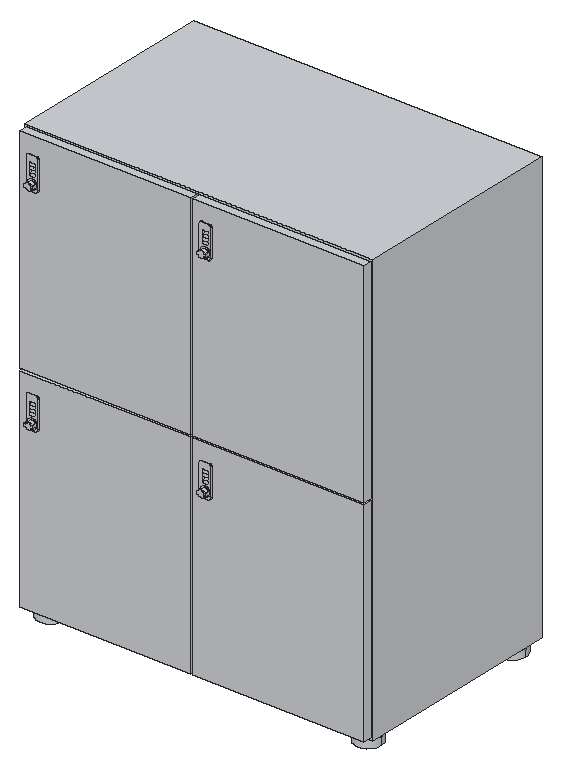
Revit family "Stash 4-Door Locker", category Furniture, Revit 2015
Parameters (values of type "31.5" x 20" x 40"")
  Width = 20"
  URL = "http://www.poppin.com"
  Manufacturer = "Poppin, Inc."
  Length = 31 1/2"
  Height = 40"
  Lock Material = none
  Feet Material = none
  Description = "Stash 4-Door Locker"
  Copyright = "Copyright © Poppin, Inc."
  Cabinet Material = none
Reference planes (in)
  plane 1 "Center (Front/Back)": y = 0
  plane 2: z = 0
  plane 3 "Center (Left/Right)": x = 0
Forms (in)
  Extrusion 1, solid, material <- "Cabinet Material"
    sketch origin (0, 0, 0) x (1, 0, 0) y (0, 0, 1)
      loop
        line (-15.79155, 39.92126) -> (-15.79155, 0.94488) -> (15.70452, 0.94488) -> (15.70452, 39.92126) -> (-15.79155, 39.92126)
    from -10.1752 to 8.8563
  Extrusion 2, solid, material <- "Cabinet Material"
    sketch origin (0, 0, 0) x (1, 0, 0) y (0, 0, 1)
      loop
        line (-15.5947, 39.72441) -> (-15.5947, 20.5315) -> (-0.14194, 20.5315) -> (-0.14194, 39.72441) -> (-15.5947, 39.72441)
      loop
        line (0.05491, 20.5315) -> (15.50767, 20.5315) -> (15.50767, 39.72441) -> (0.05491, 39.72441) -> (0.05491, 20.5315)
      loop
        line (-15.5947, 20.33465) -> (-15.5947, 1.14173) -> (-0.14194, 1.14173) -> (-0.14194, 20.33465) -> (-15.5947, 20.33465)
      loop
        line (0.05491, 1.14173) -> (15.50767, 1.14173) -> (15.50767, 20.33465) -> (0.05491, 20.33465) -> (0.05491, 1.14173)
    from 8.89567 to 9.68307
  Extrusion 3, solid, material <- "Lock Material"
    sketch origin (0, 0, 0) x (1, 0, 0) y (0, 0, 1)
      loop
        arc (-14.75145, 38.21321) -> (-14.89273, 38.15469) -> (-14.95125, 38.01341) r 0.1998
        arc (-14.95125, 38.01341) -> (-14.97746, 36.78506) -> (-14.95125, 35.55671) r 28.79631
        arc (-14.95125, 35.55671) -> (-14.87803, 35.37993) -> (-14.70125, 35.30671) r 0.25
        line (-14.70125, 35.30671) -> (-14.14462, 35.30671)
        arc (-14.14462, 35.30671) -> (-13.96784, 35.37993) -> (-13.89462, 35.55671) r 0.25
        arc (-13.89462, 35.55671) -> (-13.86841, 36.78506) -> (-13.89462, 38.01341) r 28.79631
        arc (-13.89462, 38.01341) -> (-13.95314, 38.15469) -> (-14.09442, 38.21321) r 0.1998
        line (-14.09442, 38.21321) -> (-14.75145, 38.21321)
    from 9.68307 to 9.7815
  Extrusion 4, solid, material <- "Lock Material"
    sketch origin (-14.94161, 0, 38.21321) x (1, 0, 0) y (0, 1, 0)
      loop
        arc (0.31237, -9.7815) -> (0.52801, -9.86058) -> (0.74365, -9.7815) r 0.33352
        line (0.74365, -9.7815) -> (0.31237, -9.7815)
    from -1.63841 to -1.44156
  Extrusion 5, solid, material <- "Lock Material"
    sketch origin (-14.94161, 0, 38.4888) x (1, 0, 0) y (0, 1, 0)
      loop
        arc (0.31237, -9.7815) -> (0.52801, -9.86058) -> (0.74365, -9.7815) r 0.33352
        line (0.74365, -9.7815) -> (0.31237, -9.7815)
    from -1.63841 to -1.44156
  Extrusion 6, solid, material <- "Lock Material"
    sketch origin (-14.94161, 0, 38.76439) x (1, 0, 0) y (0, 1, 0)
      loop
        arc (0.31237, -9.7815) -> (0.52801, -9.86058) -> (0.74365, -9.7815) r 0.33352
        line (0.74365, -9.7815) -> (0.31237, -9.7815)
    from -1.63841 to -1.44156
  Extrusion 7, solid, material <- "Lock Material"
    sketch origin (-14.94161, 0, 39.03998) x (1, 0, 0) y (0, 1, 0)
      loop
        arc (0.31237, -9.7815) -> (0.52801, -9.86058) -> (0.74365, -9.7815) r 0.33352
        line (0.74365, -9.7815) -> (0.31237, -9.7815)
    from -1.63841 to -1.44156
  Extrusion 8, solid, material <- "Lock Material"
    sketch origin (0, 0, 0) x (1, 0, 0) y (0, 0, 1)
      loop
        circle (-14.40927, 35.86361) r 0.42969
    from 9.68307 to 9.82087
  Extrusion 9, solid, material <- "Lock Material"
    sketch origin (0, 0, 0) x (1, 0, 0) y (0, 0, 1)
      loop
        arc (-14.16303, 35.98425) -> (-14.41709, 36.14486) -> (-14.67115, 35.98425) r 0.28125
        line (-14.67115, 35.98425) -> (-14.81673, 35.98425)
        arc (-14.81673, 35.98425) -> (-14.83411, 35.86614) -> (-14.81673, 35.74803) r 0.41008
        line (-14.81673, 35.74803) -> (-14.67349, 35.74803)
        arc (-14.67349, 35.74803) -> (-14.41709, 35.58236) -> (-14.16068, 35.74803) r 0.28125
        line (-14.16068, 35.74803) -> (-14.01744, 35.74803)
        arc (-14.01744, 35.74803) -> (-14.00006, 35.86614) -> (-14.01744, 35.98425) r 0.41008
        line (-14.01744, 35.98425) -> (-14.16303, 35.98425)
    from 9.82087 to 10.21457
  Extrusion 10, solid, material <- "Lock Material", not visible
    sketch origin (0, 0, 0) x (1, 0, 0) y (0, 0, 1)
      loop
        arc (-14.75145, 38.21321) -> (-14.89273, 38.15469) -> (-14.95125, 38.01341) r 0.1998
        arc (-14.95125, 38.01341) -> (-14.97746, 36.78506) -> (-14.95125, 35.55671) r 28.79631
        arc (-14.95125, 35.55671) -> (-14.87803, 35.37993) -> (-14.70125, 35.30671) r 0.25
        line (-14.70125, 35.30671) -> (-14.14462, 35.30671)
        arc (-14.14462, 35.30671) -> (-13.96784, 35.37993) -> (-13.89462, 35.55671) r 0.25
        arc (-13.89462, 35.55671) -> (-13.86841, 36.78506) -> (-13.89462, 38.01341) r 28.79631
        arc (-13.89462, 38.01341) -> (-13.95314, 38.15469) -> (-14.09442, 38.21321) r 0.1998
        line (-14.09442, 38.21321) -> (-14.75145, 38.21321)
    from 9.68307 to 9.7815
  Extrusion 11, solid, material <- "Lock Material", not visible
    sketch origin (-14.94161, 0, 38.21321) x (1, 0, 0) y (0, 1, 0)
      loop
        arc (0.31237, -9.7815) -> (0.52801, -9.86058) -> (0.74365, -9.7815) r 0.33352
        line (0.74365, -9.7815) -> (0.31237, -9.7815)
    from -1.63841 to -1.44156
  Extrusion 12, solid, material <- "Lock Material", not visible
    sketch origin (-14.94161, 0, 38.4888) x (1, 0, 0) y (0, 1, 0)
      loop
        arc (0.31237, -9.7815) -> (0.52801, -9.86058) -> (0.74365, -9.7815) r 0.33352
        line (0.74365, -9.7815) -> (0.31237, -9.7815)
    from -1.63841 to -1.44156
  Extrusion 13, solid, material <- "Lock Material", not visible
    sketch origin (-14.94161, 0, 38.76439) x (1, 0, 0) y (0, 1, 0)
      loop
        arc (0.31237, -9.7815) -> (0.52801, -9.86058) -> (0.74365, -9.7815) r 0.33352
        line (0.74365, -9.7815) -> (0.31237, -9.7815)
    from -1.63841 to -1.44156
  Extrusion 14, solid, material <- "Lock Material", not visible
    sketch origin (-14.94161, 0, 39.03998) x (1, 0, 0) y (0, 1, 0)
      loop
        arc (0.31237, -9.7815) -> (0.52801, -9.86058) -> (0.74365, -9.7815) r 0.33352
        line (0.74365, -9.7815) -> (0.31237, -9.7815)
    from -1.63841 to -1.44156
  Extrusion 15, solid, material <- "Lock Material", not visible
    sketch origin (0, 0, 0) x (1, 0, 0) y (0, 0, 1)
      loop
        circle (-14.40927, 35.86361) r 0.42969
    from 9.68307 to 9.82087
  Extrusion 16, solid, material <- "Lock Material", not visible
    sketch origin (0, 0, 0) x (1, 0, 0) y (0, 0, 1)
      loop
        arc (-14.16303, 35.98425) -> (-14.41709, 36.14486) -> (-14.67115, 35.98425) r 0.28125
        line (-14.67115, 35.98425) -> (-14.81673, 35.98425)
        arc (-14.81673, 35.98425) -> (-14.83411, 35.86614) -> (-14.81673, 35.74803) r 0.41008
        line (-14.81673, 35.74803) -> (-14.67349, 35.74803)
        arc (-14.67349, 35.74803) -> (-14.41709, 35.58236) -> (-14.16068, 35.74803) r 0.28125
        line (-14.16068, 35.74803) -> (-14.01744, 35.74803)
        arc (-14.01744, 35.74803) -> (-14.00006, 35.86614) -> (-14.01744, 35.98425) r 0.41008
        line (-14.01744, 35.98425) -> (-14.16303, 35.98425)
    from 9.82087 to 10.21457
  Extrusion 17, solid, material <- "Lock Material"
    sketch origin (15.6531, 0, 0) x (1, 0, 0) y (0, 0, 1)
      loop
        arc (-14.75145, 38.21321) -> (-14.89273, 38.15469) -> (-14.95125, 38.01341) r 0.1998
        arc (-14.95125, 38.01341) -> (-14.97746, 36.78506) -> (-14.95125, 35.55671) r 28.79631
        arc (-14.95125, 35.55671) -> (-14.87803, 35.37993) -> (-14.70125, 35.30671) r 0.25
        line (-14.70125, 35.30671) -> (-14.14462, 35.30671)
        arc (-14.14462, 35.30671) -> (-13.96784, 35.37993) -> (-13.89462, 35.55671) r 0.25
        arc (-13.89462, 35.55671) -> (-13.86841, 36.78506) -> (-13.89462, 38.01341) r 28.79631
        arc (-13.89462, 38.01341) -> (-13.95314, 38.15469) -> (-14.09442, 38.21321) r 0.1998
        line (-14.09442, 38.21321) -> (-14.75145, 38.21321)
    from 9.68307 to 9.7815
  Extrusion 18, solid, material <- "Lock Material"
    sketch origin (0.71149, 0, 38.21321) x (1, 0, 0) y (0, 1, 0)
      loop
        arc (0.31237, -9.7815) -> (0.52801, -9.86058) -> (0.74365, -9.7815) r 0.33352
        line (0.74365, -9.7815) -> (0.31237, -9.7815)
    from -1.63841 to -1.44156
  Extrusion 19, solid, material <- "Lock Material"
    sketch origin (0.71149, 0, 38.4888) x (1, 0, 0) y (0, 1, 0)
      loop
        arc (0.31237, -9.7815) -> (0.52801, -9.86058) -> (0.74365, -9.7815) r 0.33352
        line (0.74365, -9.7815) -> (0.31237, -9.7815)
    from -1.63841 to -1.44156
  Extrusion 20, solid, material <- "Lock Material"
    sketch origin (0.71149, 0, 38.76439) x (1, 0, 0) y (0, 1, 0)
      loop
        arc (0.31237, -9.7815) -> (0.52801, -9.86058) -> (0.74365, -9.7815) r 0.33352
        line (0.74365, -9.7815) -> (0.31237, -9.7815)
    from -1.63841 to -1.44156
  Extrusion 21, solid, material <- "Lock Material"
    sketch origin (0.71149, 0, 39.03998) x (1, 0, 0) y (0, 1, 0)
      loop
        arc (0.31237, -9.7815) -> (0.52801, -9.86058) -> (0.74365, -9.7815) r 0.33352
        line (0.74365, -9.7815) -> (0.31237, -9.7815)
    from -1.63841 to -1.44156
  Extrusion 22, solid, material <- "Lock Material"
    sketch origin (15.6531, 0, 0) x (1, 0, 0) y (0, 0, 1)
      loop
        circle (-14.40927, 35.86361) r 0.42969
    from 9.68307 to 9.82087
  Extrusion 23, solid, material <- "Lock Material"
    sketch origin (15.6531, 0, 0) x (1, 0, 0) y (0, 0, 1)
      loop
        arc (-14.16303, 35.98425) -> (-14.41709, 36.14486) -> (-14.67115, 35.98425) r 0.28125
        line (-14.67115, 35.98425) -> (-14.81673, 35.98425)
        arc (-14.81673, 35.98425) -> (-14.83411, 35.86614) -> (-14.81673, 35.74803) r 0.41008
        line (-14.81673, 35.74803) -> (-14.67349, 35.74803)
        arc (-14.67349, 35.74803) -> (-14.41709, 35.58236) -> (-14.16068, 35.74803) r 0.28125
        line (-14.16068, 35.74803) -> (-14.01744, 35.74803)
        arc (-14.01744, 35.74803) -> (-14.00006, 35.86614) -> (-14.01744, 35.98425) r 0.41008
        line (-14.01744, 35.98425) -> (-14.16303, 35.98425)
    from 9.82087 to 10.21457
  Extrusion 24, solid, material <- "Lock Material"
    sketch origin (0, 0, -19.38976) x (1, 0, 0) y (0, 0, 1)
      loop
        arc (-14.75145, 38.21321) -> (-14.89273, 38.15469) -> (-14.95125, 38.01341) r 0.1998
        arc (-14.95125, 38.01341) -> (-14.97746, 36.78506) -> (-14.95125, 35.55671) r 28.79631
        arc (-14.95125, 35.55671) -> (-14.87803, 35.37993) -> (-14.70125, 35.30671) r 0.25
        line (-14.70125, 35.30671) -> (-14.14462, 35.30671)
        arc (-14.14462, 35.30671) -> (-13.96784, 35.37993) -> (-13.89462, 35.55671) r 0.25
        arc (-13.89462, 35.55671) -> (-13.86841, 36.78506) -> (-13.89462, 38.01341) r 28.79631
        arc (-13.89462, 38.01341) -> (-13.95314, 38.15469) -> (-14.09442, 38.21321) r 0.1998
        line (-14.09442, 38.21321) -> (-14.75145, 38.21321)
    from 9.68307 to 9.7815
  Extrusion 25, solid, material <- "Lock Material"
    sketch origin (-14.94161, 0, 18.82345) x (1, 0, 0) y (0, 1, 0)
      loop
        arc (0.31237, -9.7815) -> (0.52801, -9.86058) -> (0.74365, -9.7815) r 0.33352
        line (0.74365, -9.7815) -> (0.31237, -9.7815)
    from -1.63841 to -1.44156
  Extrusion 26, solid, material <- "Lock Material"
    sketch origin (-14.94161, 0, 19.09904) x (1, 0, 0) y (0, 1, 0)
      loop
        arc (0.31237, -9.7815) -> (0.52801, -9.86058) -> (0.74365, -9.7815) r 0.33352
        line (0.74365, -9.7815) -> (0.31237, -9.7815)
    from -1.63841 to -1.44156
  Extrusion 27, solid, material <- "Lock Material"
    sketch origin (-14.94161, 0, 19.37463) x (1, 0, 0) y (0, 1, 0)
      loop
        arc (0.31237, -9.7815) -> (0.52801, -9.86058) -> (0.74365, -9.7815) r 0.33352
        line (0.74365, -9.7815) -> (0.31237, -9.7815)
    from -1.63841 to -1.44156
  Extrusion 28, solid, material <- "Lock Material"
    sketch origin (-14.94161, 0, 19.65022) x (1, 0, 0) y (0, 1, 0)
      loop
        arc (0.31237, -9.7815) -> (0.52801, -9.86058) -> (0.74365, -9.7815) r 0.33352
        line (0.74365, -9.7815) -> (0.31237, -9.7815)
    from -1.63841 to -1.44156
  Extrusion 29, solid, material <- "Lock Material"
    sketch origin (0, 0, -19.38976) x (1, 0, 0) y (0, 0, 1)
      loop
        circle (-14.40927, 35.86361) r 0.42969
    from 9.68307 to 9.82087
  Extrusion 30, solid, material <- "Lock Material"
    sketch origin (0, 0, -19.38976) x (1, 0, 0) y (0, 0, 1)
      loop
        arc (-14.16303, 35.98425) -> (-14.41709, 36.14486) -> (-14.67115, 35.98425) r 0.28125
        line (-14.67115, 35.98425) -> (-14.81673, 35.98425)
        arc (-14.81673, 35.98425) -> (-14.83411, 35.86614) -> (-14.81673, 35.74803) r 0.41008
        line (-14.81673, 35.74803) -> (-14.67349, 35.74803)
        arc (-14.67349, 35.74803) -> (-14.41709, 35.58236) -> (-14.16068, 35.74803) r 0.28125
        line (-14.16068, 35.74803) -> (-14.01744, 35.74803)
        arc (-14.01744, 35.74803) -> (-14.00006, 35.86614) -> (-14.01744, 35.98425) r 0.41008
        line (-14.01744, 35.98425) -> (-14.16303, 35.98425)
    from 9.82087 to 10.21457
  Extrusion 31, solid, material <- "Lock Material"
    sketch origin (15.6531, 0, -19.38976) x (1, 0, 0) y (0, 0, 1)
      loop
        arc (-14.75145, 38.21321) -> (-14.89273, 38.15469) -> (-14.95125, 38.01341) r 0.1998
        arc (-14.95125, 38.01341) -> (-14.97746, 36.78506) -> (-14.95125, 35.55671) r 28.79631
        arc (-14.95125, 35.55671) -> (-14.87803, 35.37993) -> (-14.70125, 35.30671) r 0.25
        line (-14.70125, 35.30671) -> (-14.14462, 35.30671)
        arc (-14.14462, 35.30671) -> (-13.96784, 35.37993) -> (-13.89462, 35.55671) r 0.25
        arc (-13.89462, 35.55671) -> (-13.86841, 36.78506) -> (-13.89462, 38.01341) r 28.79631
        arc (-13.89462, 38.01341) -> (-13.95314, 38.15469) -> (-14.09442, 38.21321) r 0.1998
        line (-14.09442, 38.21321) -> (-14.75145, 38.21321)
    from 9.68307 to 9.7815
  Extrusion 32, solid, material <- "Lock Material"
    sketch origin (0.71149, 0, 18.82345) x (1, 0, 0) y (0, 1, 0)
      loop
        arc (0.31237, -9.7815) -> (0.52801, -9.86058) -> (0.74365, -9.7815) r 0.33352
        line (0.74365, -9.7815) -> (0.31237, -9.7815)
    from -1.63841 to -1.44156
  Extrusion 33, solid, material <- "Lock Material"
    sketch origin (0.71149, 0, 19.09904) x (1, 0, 0) y (0, 1, 0)
      loop
        arc (0.31237, -9.7815) -> (0.52801, -9.86058) -> (0.74365, -9.7815) r 0.33352
        line (0.74365, -9.7815) -> (0.31237, -9.7815)
    from -1.63841 to -1.44156
  Extrusion 34, solid, material <- "Lock Material"
    sketch origin (0.71149, 0, 19.37463) x (1, 0, 0) y (0, 1, 0)
      loop
        arc (0.31237, -9.7815) -> (0.52801, -9.86058) -> (0.74365, -9.7815) r 0.33352
        line (0.74365, -9.7815) -> (0.31237, -9.7815)
    from -1.63841 to -1.44156
  Extrusion 35, solid, material <- "Lock Material"
    sketch origin (0.71149, 0, 19.65022) x (1, 0, 0) y (0, 1, 0)
      loop
        arc (0.31237, -9.7815) -> (0.52801, -9.86058) -> (0.74365, -9.7815) r 0.33352
        line (0.74365, -9.7815) -> (0.31237, -9.7815)
    from -1.63841 to -1.44156
  Extrusion 36, solid, material <- "Lock Material"
    sketch origin (15.6531, 0, -19.38976) x (1, 0, 0) y (0, 0, 1)
      loop
        circle (-14.40927, 35.86361) r 0.42969
    from 9.68307 to 9.82087
  Extrusion 37, solid, material <- "Lock Material"
    sketch origin (15.6531, 0, -19.38976) x (1, 0, 0) y (0, 0, 1)
      loop
        arc (-14.16303, 35.98425) -> (-14.41709, 36.14486) -> (-14.67115, 35.98425) r 0.28125
        line (-14.67115, 35.98425) -> (-14.81673, 35.98425)
        arc (-14.81673, 35.98425) -> (-14.83411, 35.86614) -> (-14.81673, 35.74803) r 0.41008
        line (-14.81673, 35.74803) -> (-14.67349, 35.74803)
        arc (-14.67349, 35.74803) -> (-14.41709, 35.58236) -> (-14.16068, 35.74803) r 0.28125
        line (-14.16068, 35.74803) -> (-14.01744, 35.74803)
        arc (-14.01744, 35.74803) -> (-14.00006, 35.86614) -> (-14.01744, 35.98425) r 0.41008
        line (-14.01744, 35.98425) -> (-14.16303, 35.98425)
    from 9.82087 to 10.21457
  Extrusion 38, solid, material <- "Feet Material"
    sketch origin (0, -3.25656, 24.25197) x (0, 1, 0) y (-1, 0, 0)
      loop
        circle (11.90383, 14.42182) r 1.1875
      loop
        circle (11.90383, -14.32818) r 1.1875
      loop
        circle (-4.44639, -14.32818) r 1.1875
      loop
        circle (-4.44639, 14.42182) r 1.1875
    from -24.25197 to -23.58268
  Extrusion 39, solid, material <- "Feet Material"
    sketch origin (0, -3.25656, 24.25197) x (0, 1, 0) y (-1, 0, 0)
      loop
        line (12.0677, 14.138) -> (12.23156, 14.42182) -> (12.0677, 14.70565) -> (11.73997, 14.70565) -> (11.5761, 14.42182) -> (11.73997, 14.138) -> (12.0677, 14.138)
      loop
        line (12.0677, -14.612) -> (12.23156, -14.32818) -> (12.0677, -14.04435) -> (11.73997, -14.04435) -> (11.5761, -14.32818) -> (11.73997, -14.612) -> (12.0677, -14.612)
      loop
        line (-4.28253, -14.612) -> (-4.11866, -14.32818) -> (-4.28253, -14.04435) -> (-4.61026, -14.04435) -> (-4.77412, -14.32818) -> (-4.61026, -14.612) -> (-4.28253, -14.612)
      loop
        line (-4.28253, 14.138) -> (-4.11866, 14.42182) -> (-4.28253, 14.70565) -> (-4.61026, 14.70565) -> (-4.77412, 14.42182) -> (-4.61026, 14.138) -> (-4.28253, 14.138)
    from -23.77971 to -23.26772
Dimensions and locks (in)
  aligned and locked: level to plane 2
